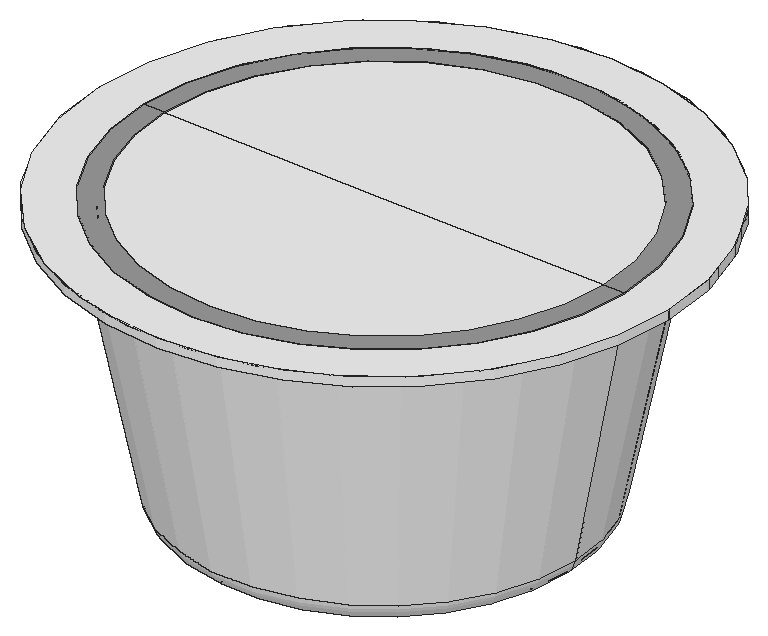
Revit family "2060664", category Lighting Fixtures, host Face, Revit 2018
Family settings
  Host = Face
  Round Connector Dimension = Use Diameter
  Part Type = Normal
  OmniClass Number = 23.80.70.11.17
  OmniClass Title = Specialized Lighting by Location or Use
  Cut with Voids When Loaded = No
  Light Source = Yes
  Shared = No
  Room Calculation Point = No
Parameters (values of type "2060664 ASCENT 100 II ARCH 1775 3K IP65 DALI 160")
  WidthBezelAcc_SYL = 25.0 mm
  Weight = "n/a"
  Wattage = 7 W
  WarrantyStartDate [instance] = "n/a"
  WarrantyGuarantorParts = "n/a"
  WarrantyDurationUnit = "n/a"
  WarrantyDurationParts = ""
  WarrantyDescription = "http://www.sylvania-lighting.com"
  built-in parameter 1150110 = 1 (stored number, unit not read)
  Voltage = 0 V
  VisibilityAccessory_SYL = no
  TypeName = "ASCENT 100 II ARCH 1775 3K IP65 DALI 160"
  built-in parameter 1114217 = 1 (stored number, unit not read)
  Tilt Angle = -90°
  built-in parameter 1150109 = 1 (stored number, unit not read)
  built-in parameter 1150134 = (empty or 0)
  built-in parameter 1150113 = 1 (stored number, unit not read)
  SerialNumber [instance] = "n/a"
  ReflectorRadius_SYL = Radius_SYL - 14.5 mm  # 80.0 mm
  RadiusAcc_SYL = 104.5 mm
  Radius_SYL = 94.5 mm
  URL = "0.95"
  PowerFactor = 0
  PowerConsumption = "Lighting"
  Photometric Web File = "2060664.ies"
  NominalWidth = 0.0 mm
  NominalLength = 209.0 mm
  NominalHeight = 94.0 mm
  Name = "ASCENT 100 II ARCH 1775 3K IP65 DALI 160"
  ModelReference = "ASCENT 100 II ARCH 1775 3K IP65 DALI 160"
  ModelNumber = "2060664"
  Material_4_SYL = none
  Material_3_SYL = Polycarbonate_Sylvania_Ascent_Opal
  Material_2_SYL = Aluminium_Sylvania_Ascent_Silver
  Material_1_SYL = Aluminum_Sylvania_Ascent_White
  Material = "Feilo Sylvania"
  ManufacturerName = "104 lm/W"
  LuminousEfficacy = ""
  built-in parameter 1150105 = 76.872 (stored number, unit not read)
  Lumens = 966 lm
  LuminaireType = "0"
  built-in parameter 1150115 = 1 (stored number, unit not read)
  LightOutputRatio = "LED"
  built-in parameter 1150137 = (empty or 0)
  built-in parameter 1150139 = (empty or 0)
  LampsType = Lamp  # "n/a"
  LampNominalLuminous = "3000 K"
  LampMacAdamStep = "80"
  LampColourTemperature = "LED"
  LampColourRenderingIndex = "16500"
  built-in parameter 1150112 = 1 (stored number, unit not read)
  built-in parameter 1150114 = 1 (stored number, unit not read)
  Keynote = "n/a"
  InstallationDate [instance] = "n/a"
  InputVoltage = "0"
  InputNominalFrequency = "3000"
  built-in parameter 1150132 = (empty or 0)
  built-in parameter 1150102 = (empty or 0)
  built-in parameter 1150107 = 3000 (stored number, unit not read)
  built-in parameter 1150138 = (empty or 0)
  IngressProtection = "IfcLightFixtureType"
  ImpactProtectionIndex = "IfcLightFixtureType"
  built-in parameter 1150106 = 0.76872 (stored number, unit not read)
  IfcExportType = "IfcLightFixtureType"
  IfcExportAs = "Class II"
  HeightAcc_SYL = 7.0 mm
  Height = 96.0 mm
  ExpectedLife = 50000
  EmittionSurface_SYL = if(VisibilityAccessory_SYL, 7.0 mm, 3.0 mm)  # 3.0 mm
  Emit from Circle Diameter = DiffuserRadius_SYL * 2  # 146.0 mm
  Emit Shape Visible in Rendering = no
  ElectricShockClassification = "104"
  built-in parameter 1150104 = 12.821 (stored number, unit not read)
  DurationUnit = "hours"
  DocumentationLiterature = "http://www.sylvania-lighting.com/product/en-int/products/2060664"
  DimmingControlOptions = "n/a"
  Dimming Lamp Color Temperature Shift = <None>
  DiffuserRadius_SYL = ReflectorRadius_SYL - 7.0 mm  # 73.0 mm
  Diameter_SYL = 2 * Radius_SYL  # 189.0 mm
  CutoutDiameter_SYL = Diameter_SYL - 13.0 mm  # 176.0 mm
  CreatedOn = "08/06/2021"
  CreatedBy = "@sylvania-lighting.com"
  Color Filter = 16777215
  built-in parameter 1114216 [instance] = 1 (stored number, unit not read)
  Model = "ASCENT 100 II ARCH 1775 3K IP65 DALI 160"
  Manufacturer = ""
  Lamp = "n/a"
  Description = "Direct LED retro fit for original LED 100 Arch (160) single CFL lamp offering Matching lumen levels and improved light distribution of original LED 100 CFL lamp equivalents Typically half the power consumption compared to CFL Up to 112lm/W 160mm aperture Architectural reflector accepts range of glass accessories from existing LED 100 Arch 160 offering HE, HO and VHO versions equivalent of single 1 x 18W, 1 x 32W, 1 x 42W\r\n Additional VVHO versions which offer the performance circa 2 x 32W equivalent"  # constant formula
  Default Elevation = 0.0 mm
  built-in parameter 1140040 [instance] = 1
  BarCode [instance] = "n/a"
  built-in parameter 1114218 = 1 (stored number, unit not read)
  built-in parameter 1150133 = 10 (stored number, unit not read)
  AssetType = "Fixed"
  AssetIdentifier [instance] = "n/a"
  Assembly Code = "D5020200"
  Apparent Load = 17 VA
  Aperture_SYL = 2 * ReflectorRadius_SYL  # 160.0 mm
Reference planes
  plane 1 "Center (Front/Back)": y = 0
  plane 2: z = 0
  plane 3 "Center (Left/Right)": x = 0
  plane 4 "Fixture Bottom": z = 3
  plane 5: z = -52.5
  plane 6 "Fixture Top": z = -89
  plane 7: x = -104.5
  plane 8: z = 7
  plane 9: x = -79.5
  plane 10: z = 5
  plane 11: x = -102.5
Forms (mm)
  Extrusion 1, solid, material "Aluminum_Sylvania_Ascent_White", detail levels fine
    sketch origin (0, 0, 0) x (1, 0, 0) y (0, 1, 0)
      loop
        circle (0, 0) r 94.5
      loop
        circle (0, 0) r 80
    from 0 to 3
  Extrusion 2, void
    sketch origin (0, 0, 0) x (1, 0, 0) y (0, 1, 0)
      loop
        circle (0, 0) r 88
    from -89 to 3
  Revolve 3, solid, material "Aluminum_Sylvania_Ascent_White" <- "Material_1_SYL", detail levels fine
    sketch origin (0, 0, 0) x (1, 0, 0) y (0, 0, 1)
      loop
        line (0, -89.073) -> (0, -87.023) -> (-55.468, -87.014)
        arc (-55.468, -87.014) -> (-59.352, -85.613) -> (-61.54, -82.139) r 6.307
        line (-61.54, -82.139) -> (-77.991, -2.838) -> (-77.991, 0) -> (-80, 0) -> (-80, -3) -> (-63.5, -82.536)
        arc (-63.5, -82.536) -> (-60.643, -87.203) -> (-55.5, -89.073) r 8.291
        line (-55.5, -89.073) -> (0, -89.073)
      axis (0, 0) -> (0, -89.073)
    angle from 0 to 360
  Revolve 4, solid, material "Aluminium_Sylvania_Ascent_Silver" <- "Material_2_SYL", detail levels fine
    sketch origin (0, 0, 0) x (1, 0, 0) y (0, 0, 1)
      loop
        line (-80, 3) -> (-80, 0) -> (-75, 0)
        arc (-75, 0) -> (-72.349, -26.77) -> (-64.5, -52.5) r 136.5
        line (-64.5, -52.5) -> (-58, -52.5)
        arc (-58, -52.5) -> (-56.857, -61.521) -> (-53.5, -69.971) r 36.166
        line (-53.5, -69.971) -> (0, -69.971) -> (0, -50.5) -> (-63.16, -50.5)
        arc (-63.16, -50.5) -> (-70.517, -25.725) -> (-73, 0) r 134.5
        line (-73, 0) -> (-73, 3) -> (-80, 3)
      axis (0, 3) -> (0, -69.971)
    angle from 0 to 360
  Revolve 5, solid, material "Aluminum_Sylvania_Ascent_White" <- "Material_1_SYL", detail levels medium+fine
    sketch origin (0, 0, 0) x (1, 0, 0) y (0, 0, 1)
      loop
        line (0, -89.073) -> (0, 3) -> (-94.5, 3) -> (-94.5, 0) -> (-79.5, 0) -> (-79.5, -3) -> (-63, -82.536)
        arc (-63, -82.536) -> (-60.143, -87.203) -> (-55, -89.073) r 8.291
        line (-55, -89.073) -> (0, -89.073)
      axis (0, 3) -> (0, -89.073)
    angle from 0 to 360
  Revolve 6, solid, material "Aluminum_Sylvania_Ascent_White" <- "Material_1_SYL", visible <- "VisibilityAccessory_SYL", detail levels medium+fine
    sketch origin (0, 0, 0) x (1, 0, 0) y (0, 0, 1)
      loop
        line (-104.5, 0) -> (-102.5, 0) -> (-102.5, 5) -> (-79.5, 5) -> (-79.5, 7) -> (-104.5, 7) -> (-104.5, 0)
      axis (0, 7) -> (0, 0)
    angle from 0 to 360
  Extrusion 7, solid, detail levels coarse
    sketch origin (0, 0, 0) x (1, 0, 0) y (0, 0, 1)
      loop
        line (104.421, 7) -> (-104.5, 7) -> (-104.5, -89) -> (104.421, -89) -> (104.421, 7)
    from -104.368 to 104.563
Lines and regions (mm)
  reference lines
    curve 1: line (-149.5, 0, 3) -> (125, 0, 3)
Dimensions and locks
  locked: plane 4 "Fixture Bottom" to plane 2 at 3
  "ReflectorRadius_SYL": plane 3 "Center (Left/Right)" to Revolve 4 sketch curve
  locked: Revolve 4 sketch curve to Revolve 4 sketch curve at 15.5
  locked: Revolve 4 sketch curve to Revolve 4 sketch curve at 5
  locked: Revolve 4 sketch curve to Revolve 4 sketch curve at 7
  locked: Revolve 4 sketch curve to Revolve 4 sketch curve at 22
  locked: Revolve 4 sketch curve to Revolve 4 sketch curve at 26.5
  locked: Revolve 3 sketch curve to Revolve 3 sketch curve at 16.5
  locked: Revolve 3 sketch curve to Revolve 3 sketch curve at 24.5
  "ReflectorRadius_SYL": Revolve 3 sketch curve to plane 3 "Center (Left/Right)"
  locked: Revolve 3 sketch curve to plane 6 "Fixture Top" at 6.464
  locked: plane 2 to Revolve 3 sketch curve at 3
  locked: Revolve 3 sketch curve to Revolve 3 sketch curve at 2
  locked: Revolve 3 sketch curve to Revolve 3 sketch curve at 2.009
  locked: plane 2 to plane 5 at 52.5
  locked: Revolve 5 sketch curve to Revolve 5 sketch curve at 31.5
  locked: Revolve 5 sketch curve to Revolve 5 sketch curve at 39.5
  locked: Revolve 5 sketch curve to Revolve 5 sketch curve at 15
  "Radius_SYL": plane 3 "Center (Left/Right)" to Revolve 5 sketch curve
  "RadiusAcc_SYL": plane 3 "Center (Left/Right)" to plane 7
  "HeightAcc_SYL": plane 8 to level
  locked: plane 7 to plane 11 at 2
  locked: plane 8 to plane 10 at 2
  "Height": plane 6 "Fixture Top" to plane 8
  "CutoutDiameter_SYL": diameter of Extrusion 2 sketch curve
  "ReflectorRadius_SYL": radius of Extrusion 1 sketch curve
  "Radius_SYL": radius of Extrusion 1 sketch curve
  aligned and locked: host face to plane 2
  aligned and locked: host face to level
  aligned and locked: plane 4 "Fixture Bottom" to Extrusion 1
  aligned and locked: Extrusion 1 to plane 2
  aligned and locked: Revolve 3 sketch curve to plane 3 "Center (Left/Right)"
  aligned and locked: Revolve 4 sketch curve to plane 3 "Center (Left/Right)"  (x2)
  aligned and locked: plane 4 "Fixture Bottom" to Revolve 4 sketch curve
  aligned and locked: plane 2 to Revolve 3 sketch curve  (x2)
  aligned and locked: Revolve 5 sketch curve to plane 3 "Center (Left/Right)"
  aligned and locked: plane 6 "Fixture Top" to Extrusion 2
  aligned and locked: Revolve 6 sketch curve to plane 3 "Center (Left/Right)"
  aligned and locked: host face to Revolve 6 sketch curve  (x2)
  aligned and locked: Revolve 6 sketch curve to plane 7
  aligned and locked: plane 8 to Revolve 6 sketch curve
  aligned and locked: plane 9 to Revolve 6 sketch curve
  aligned and locked: Revolve 6 sketch curve to plane 10
  aligned and locked: plane 11 to Revolve 6 sketch curve
  aligned and locked: plane 3 "Center (Left/Right)" to imposter light
  aligned and locked: imposter light to plane 1 "Center (Front/Back)"
  aligned and locked: imposter light to curve 1
Automatic sketch dimensions
  plane 1 "Center (Front/Back)" to Extrusion 2 sketch curve = 0.0 mm
  Extrusion 2 sketch curve to plane 3 "Center (Left/Right)" = 0.0 mm
  Extrusion 1 sketch curve to Extrusion 1 sketch curve = 0.0 mm  (x2)
  plane 1 "Center (Front/Back)" to Extrusion 1 sketch curve = 0.0 mm
  Extrusion 1 sketch curve to plane 3 "Center (Left/Right)" = 0.0 mm
  plane 6 "Fixture Top" to Revolve 3 sketch curve = 0.073 mm
  Revolve 3 sketch curve to plane 6 "Fixture Top" = 6.861 mm
  Revolve 3 sketch curve to Revolve 3 sketch curve = 0.003 mm
  Revolve 3 sketch curve to Revolve 3 sketch curve = 0.009 mm  (x2)
  Revolve 3 sketch curve to Revolve 3 sketch curve = 0.023 mm
  Revolve 3 sketch curve to Revolve 3 sketch curve = 0.072 mm
  Revolve 3 sketch curve to Revolve 3 sketch curve = 0.008 mm
  Revolve 3 sketch curve to plane 6 "Fixture Top" = 1.977 mm
  Revolve 3 sketch curve to Revolve 3 sketch curve = 33.496 mm
  Revolve 3 sketch curve to Revolve 3 sketch curve = 0.028 mm
  plane 4 "Fixture Bottom" to Revolve 3 sketch curve = 82.431 mm
  Revolve 4 sketch curve to Revolve 4 sketch curve = 0.0 mm  (x2)
  Revolve 4 sketch curve to plane 5 = 0.0 mm
  Revolve 4 sketch curve to level = 0.0 mm
  plane 5 to Revolve 4 sketch curve = 2.0 mm
  plane 4 "Fixture Bottom" to Revolve 4 sketch curve = 9.642 mm
  Revolve 4 sketch curve to level = 69.971 mm
  Revolve 4 sketch curve to Revolve 4 sketch curve = 2.387 mm
  Revolve 5 sketch curve to level = 0.0 mm
  Revolve 5 sketch curve to plane 3 "Center (Left/Right)" = 0.0 mm
  Revolve 5 sketch curve to Revolve 5 sketch curve = 8.104 mm
  Revolve 5 sketch curve to level = 3.0 mm
  Revolve 5 sketch curve to plane 6 "Fixture Top" = 6.464 mm
  plane 6 "Fixture Top" to Revolve 5 sketch curve = 0.073 mm
  Revolve 5 sketch curve to Revolve 5 sketch curve = 33.496 mm
  plane 4 "Fixture Bottom" to Revolve 5 sketch curve = 82.431 mm
  host sketch curve to host sketch curve = 1704.996 mm
  host sketch curve to host sketch curve = 1500.0 mm
  plane 6 "Fixture Top" to Revolve 6 sketch curve = 281.274 mm
  Revolve 6 sketch curve to plane 8 = 1140.706 mm
  Revolve 3 sketch curve to plane 3 "Center (Left/Right)" = 0.0 mm
  Revolve 5 sketch curve to plane 4 "Fixture Bottom" = 0.0 mm
  plane 7 to curve 1 = 45.0 mm
  plane 3 "Center (Left/Right)" to curve 1 = 125.0 mm
  curve 1 to plane 4 "Fixture Bottom" = 0.0 mm
  plane 7 to Extrusion 7 sketch curve = 0.0 mm
  Extrusion 7 sketch curve to plane 6 "Fixture Top" = 0.0 mm
  Extrusion 7 sketch curve to plane 8 = 0.0 mm
  plane 3 "Center (Left/Right)" to Extrusion 7 sketch curve = 104.421 mm
Connectors
  electrical at (0, 0, -89.073), driven by "Apparent Load"
    settings: on Revolve 3, index 1, voltage 240 V, apparent load 0 VA, apparent load phase1 17 VA, apparent load phase2 0 VA, apparent load phase3 0 VA, power factor 1, load classification "Lighting", number of poles 1, system type 31, power factor state 1, is connector primary yes, connector utility no, sub classification motor no, connector description ""
